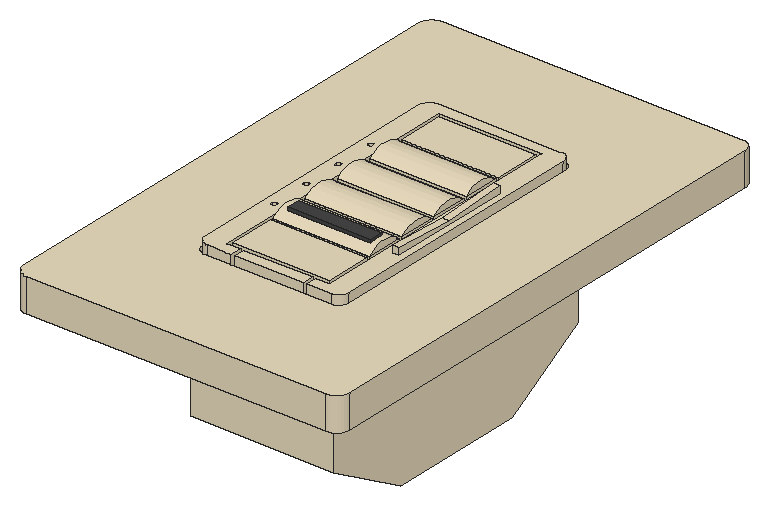
Revit family "Switch-Lutron-EcoSystem_CC-4BRL", category Lighting Devices, host Face, Revit 2017
Family settings
  Host = Face
  Maintain Annotation Orientation = Yes
  Round Connector Dimension = Use Diameter
  Part Type = Switch
  OmniClass Number = 23.85.80.11.27
  OmniClass Title = Lighting Controls
  Cut with Voids When Loaded = No
  Shared = No
  Room Calculation Point = No
Parameters (values of type "CC-4BRL-IV")
  Warranty URL = "http://www.lutron.com/en-US/Service-Support/Pages/Service/Warranty/Warranty.aspx"
  Wallstation Material = Plastic-Lutron-Claro-Ivory-Gloss
  Voltage Comments = "0-20VDC"
  Video Link = "https://www.youtube.com/user/LutronElectronicsInc"
  Version = "2017 - v1.0b"  # constant formula
  Support Phone = "(224) 699-9545"  # constant formula
  Support Email = "mailto: support@anguleris.com"
  Series = "EcoSystem"  # constant formula
  Product Page URL = "http://www.lutron.com/en-US/Products/Pages/Components/EcosystemWallstation/Overview.aspx"
  Product Name = "4 Button Wall Control"
  Product Documentation Link = "http://www.lutron.com/TechnicalDocumentLibrary/EcoSystem_cc4brl.pdf"
  Performance URL = "http://www.lutron.com/en-US/Service-Support/Pages/Technical/PerfomanceSpecs.aspx"
  No Plate [instance] = not(Wall Plate Visibility)  # no
  Manufacturer Phone Number = "610-282-3800"  # constant formula
  Manufacturer Fax Number = "610-282-1243"  # constant formula
  Manufacturer Email = "mailto:support@lutron.com"
  Manufacturer Address = "7200 Suter Rd, Coopersburg, PA 18036"  # constant formula
  Label [instance] = "LC"
  Wall Plate Visibility [instance] = yes
  URL = "http://www.lutron.com"
  Type Comments = ""
  Nominal Width = 0' - 2 241/256"  # constant formula
  Nominal Height = 0' - 4 177/256"  # constant formula
  Nominal Depth = 0' - 1 3/4"  # constant formula
  Model = "CC-4BRL-IV"
  Manufacturer = "Lutron Electronics Co., Inc"  # constant formula
  Keynote = ""
  Instruction Sheet Link = "http://www.lutron.com/TechnicalDocumentLibrary/EcoSystemWallStn.pdf"
  Description = "4 Button Wall Control"
  Default Elevation = 4' - 0"
  Cost Info = "mailto:sales@lutron.com"
  Cost = 0
  Copyright = "© 2019 Lutron Electronics Co., Inc."  # constant formula
  Assembly Code = "D5020120"
Types (2): name | Wallstation Material | Model
  CC-4BRL-WH | Plastic-Lutron-Claro-White-Gloss | "CC-4BRL-WH"
  CC-4BRL-IV | Plastic-Lutron-Claro-Ivory-Gloss | "CC-4BRL-IV"
Reference planes (in)
  plane 1 "Center (Front/Back)": y = 0
  plane 2: z = 0
  plane 3 "Center (Left/Right)": x = 0
  plane 4: y = 2.3457
  plane 5: y = -2.3457
  plane 6: x = 1.4707
  plane 7: x = -1.4707
  plane 8: z = 0.3
  plane 9: x = -0.6582
  plane 10: x = 0.6582
  plane 11: y = 1.32
  plane 12: y = -1.32
  plane 13: z = 0.375
  plane 14: x = -0.55811
  plane 15: z = -1.44
Forms (in)
  Extrusion 1, solid, material "Plastic-Lutron-Claro-Ivory-Gloss" <- "Wallstation Material", visible <- "Wall Plate Visibility"
    sketch origin (0, 0, 0) x (1, 0, 0) y (0, 1, 0)
      loop
        arc (-1.3507, 2.3457) -> (-1.43556, 2.31056) -> (-1.4707, 2.2257) r 0.12
        line (-1.4707, 2.2257) -> (-1.4707, -2.2257)
        arc (-1.4707, -2.2257) -> (-1.43556, -2.31056) -> (-1.3507, -2.3457) r 0.12
        line (-1.3507, -2.3457) -> (1.3507, -2.3457)
        arc (1.3507, -2.3457) -> (1.43556, -2.31056) -> (1.4707, -2.2257) r 0.12
        line (1.4707, -2.2257) -> (1.4707, 2.2257)
        arc (1.4707, 2.2257) -> (1.43556, 2.31056) -> (1.3507, 2.3457) r 0.12
        line (1.3507, 2.3457) -> (-1.3507, 2.3457)
      loop
        arc (-0.5642, 1.32) -> (-0.63067, 1.29247) -> (-0.6582, 1.226) r 0.094
        line (-0.6582, 1.226) -> (-0.6582, -1.226)
        arc (-0.6582, -1.226) -> (-0.63067, -1.29247) -> (-0.5642, -1.32) r 0.094
        line (-0.5642, -1.32) -> (0.5642, -1.32)
        arc (0.5642, -1.32) -> (0.63067, -1.29247) -> (0.6582, -1.226) r 0.094
        line (0.6582, -1.226) -> (0.6582, 1.226)
        arc (0.6582, 1.226) -> (0.63067, 1.29247) -> (0.5642, 1.32) r 0.094
        line (0.5642, 1.32) -> (-0.5642, 1.32)
    from 0 to 0.3
  Extrusion 2, solid, material "Plastic-Lutron-Claro-Ivory-Gloss" <- "Wallstation Material"
    sketch origin (0, 0, 0) x (1, 0, 0) y (0, 1, 0)
      loop
        line (-0.65, 1.206) -> (-0.65, -1.206)
        arc (-0.65, -1.206) -> (-0.62247, -1.27247) -> (-0.556, -1.3) r 0.094
        line (-0.556, -1.3) -> (0.5642, -1.3)
        arc (0.5642, -1.3) -> (0.62487, -1.27487) -> (0.65, -1.2142) r 0.0858
        line (0.65, -1.2142) -> (0.65, 1.206)
        arc (0.65, 1.206) -> (0.62247, 1.27247) -> (0.556, 1.3) r 0.094
        line (0.556, 1.3) -> (-0.556, 1.3)
        arc (-0.556, 1.3) -> (-0.62247, 1.27247) -> (-0.65, 1.206) r 0.094
    from 0 to 0.375
  Extrusion 3, solid, material "Plastic-Lutron-Claro-Ivory-Gloss" <- "Wallstation Material", detail levels fine
    sketch origin (0, 0, 0) x (0, 1, 0) y (0, 0, 1)
      loop
        line (1.375, 0) -> (-1.375, 0) -> (-1.375, -1.00699) -> (-0.625, -1.44) -> (0.625, -1.44) -> (1.375, -1.00699) -> (1.375, 0)
    from -0.64844 to 0.64844
  Extrusion 4, void
    sketch origin (0, 0, 0) x (1, 0, 0) y (0, 1, 0)
      loop
        line (-0.46622, 1.19434) -> (-0.46622, -1.19675) -> (-0.34122, -1.19675) -> (-0.34122, -1.3) -> (-0.30997, -1.3) -> (-0.30997, -1.19675) -> (0.30997, -1.19675) -> (0.30997, -1.3) -> (0.34122, -1.3) -> (0.34122, -1.19675) -> (0.46862, -1.19675) -> (0.46862, 1.19434) -> (-0.46622, 1.19434)
      loop
        line (-0.43497, 1.16309) -> (-0.43497, 0.742) -> (0.43737, 0.742) -> (0.43737, 1.16309) -> (-0.43497, 1.16309)
      loop
        line (0.43737, -1.1655) -> (0.43737, -0.742) -> (-0.43497, -0.742) -> (-0.43497, -1.1655) -> (0.43737, -1.1655)
      loop
        line (-0.43497, 0.37881) -> (0.43737, 0.37881) -> (0.43737, 0.71075) -> (-0.43497, 0.71075) -> (-0.43497, 0.37881)
      loop
        line (-0.43497, 0.34756) -> (-0.43497, 0.01562) -> (0.43737, 0.01562) -> (0.43737, 0.34756) -> (-0.43497, 0.34756)
      loop
        line (-0.43497, -0.01563) -> (-0.43497, -0.34756) -> (0.43737, -0.34756) -> (0.43737, -0.01563) -> (-0.43497, -0.01563)
      loop
        line (-0.43497, -0.37881) -> (-0.43497, -0.71075) -> (0.43737, -0.71075) -> (0.43737, -0.37881) -> (-0.43497, -0.37881)
    from 0.15 to 0.375
  Extrusion 5, solid, material "Plastic-Lutron-Claro-Ivory-Gloss" <- "Wallstation Material"
    sketch origin (0, 0, 0) x (0, 1, 0) y (0, 0, 1)
      loop
        line (-0.56822, 0.375) -> (0.56822, 0.375) -> (0.56822, 0.4375) -> (0, 0.40625) -> (-0.56822, 0.4375) -> (-0.56822, 0.375)
    from 0.52908 to 0.58954
  Extrusion 6, void
    sketch origin (0, 0, 0) x (1, 0, 0) y (0, 1, 0)
      loop
        circle (-0.55811, 0.54478) r 0.02344
      loop
        circle (-0.55811, -0.54478) r 0.02344
      loop
        circle (-0.55811, -0.18159) r 0.02344
      loop
        circle (-0.55811, 0.18159) r 0.02344
    from 0.3 to 0.375
  Extrusion 7, solid, material "Plastic-Lutron-Claro-Ivory-Gloss" <- "Wallstation Material", detail levels fine
    sketch origin (0, 0, 0) x (0, 1, 0) y (0, 0, 1)
      loop
        arc (0.71075, 0.375) -> (0.54478, 0.4375) -> (0.37881, 0.375) r 0.25162
        line (0.37881, 0.375) -> (0.71075, 0.375)
      loop
        arc (-0.01563, 0.375) -> (-0.18159, 0.43751) -> (-0.34756, 0.375) r 0.25159
        line (-0.34756, 0.375) -> (-0.01563, 0.375)
    from -0.43497 to 0.43737
  Extrusion 8, solid, material "Plastic-Lutron-Claro-Ivory-Gloss" <- "Wallstation Material", detail levels fine
    sketch origin (0, -0.36319, 0) x (0, 1, 0) y (0, 0, 1)
      loop
        arc (0.71075, 0.375) -> (0.54478, 0.4375) -> (0.37881, 0.375) r 0.25162
        line (0.37881, 0.375) -> (0.71075, 0.375)
      loop
        arc (-0.01563, 0.375) -> (-0.18159, 0.43751) -> (-0.34756, 0.375) r 0.25159
        line (-0.34756, 0.375) -> (-0.01563, 0.375)
    from -0.43497 to 0.43737
  Extrusion 9, solid, material "Plastic-Lutron-Clear"
    sketch origin (0, 0, 0) x (1, 0, 0) y (0, 1, 0)
      loop
        line (0.37487, -0.62338) -> (0.37487, -0.49838) -> (-0.37513, -0.49838) -> (-0.37513, -0.62338) -> (0.37487, -0.62338)
    from 0.44813 to 0.3
Cuts and joins
  Extrusion 4, Extrusion 6 cuts Extrusion 2
  Extrusion 6 cuts Extrusion 1
  Extrusion 6 cuts Extrusion 3
Lines and regions (in)
  symbolic lines, visible <- "Wall Plate Visibility", detail levels fine
    curve 1: line (-1.4707, -0.675, 0.3) -> (1.4707, -0.675, 0.3)
    curve 2: line (-1.4707, -0.675, 0) -> (-1.4707, -0.675, 0.3)
    curve 3: line (1.4707, -0.675, 0) -> (-1.4707, -0.675, 0)
    curve 4: line (1.4707, -0.675, 0.3) -> (1.4707, -0.675, 0)
  symbolic lines, detail levels fine
    curve 5: line (-0.65, -0.675, 0.375) -> (0.65, -0.675, 0.375)
    curve 6: line (0.65, -0.675, 0.375) -> (0.65, -0.675, 0.3)
    curve 7: line (-0.65, -0.675, 0.375) -> (-0.65, -0.675, 0.3)
    curve 10: line (-0.43497, -0.675, 0.375) -> (-0.43497, -0.675, 0.4375)
    curve 11: line (-0.43497, -0.675, 0.4375) -> (0.43737, -0.675, 0.4375)
    curve 12: line (0.43737, -0.675, 0.4375) -> (0.43737, -0.675, 0.375)
  symbolic lines, visible <- "No Plate", detail levels fine
    curve 8: line (-0.65, -0.675, 0.3) -> (-0.65, -0.675, 0)
    curve 9: line (0.65, -0.675, 0.3) -> (0.65, -0.675, 0)
Dimensions and locks (in)
  equal spacing: plane 7, plane 3 "Center (Left/Right)", plane 6
  "Nominal Width": plane 7 to plane 6
  equal spacing: plane 4, plane 1 "Center (Front/Back)", plane 5
  "Nominal Height": plane 4 to plane 5
  plane 8 to plane 2 = 0' - 0.3"
  equal spacing: plane 9, plane 3 "Center (Left/Right)", plane 10
  locked: plane 9 to plane 10 at 1.31641
  equal spacing: plane 11, plane 1 "Center (Front/Back)", plane 12
  locked: plane 11 to plane 12 at 2.64
  locked: Extrusion 2 sketch curve to Extrusion 2 sketch curve at 1.3
  locked: Extrusion 2 sketch curve to Extrusion 2 sketch curve at 2.6
  equal spacing: Extrusion 2 sketch curve, plane 3 "Center (Left/Right)", Extrusion 2 sketch curve
  equal spacing: Extrusion 2 sketch curve, plane 1 "Center (Front/Back)", Extrusion 2 sketch curve
  locked: Extrusion 3 to Extrusion 3 at 1.29688
  equal spacing: Extrusion 3, plane 3 "Center (Left/Right)", Extrusion 3
  locked: Extrusion 3 sketch curve to Extrusion 3 sketch curve at 2.75
  equal spacing: Extrusion 3 sketch curve, plane 1 "Center (Front/Back)", Extrusion 3 sketch curve
  locked: plane 13 to level at 0.375
  Extrusion 4 sketch curve to Extrusion 4 sketch curve to plane 1 "Center (Front/Back)" to Extrusion 4 sketch curve to Extrusion 4 sketch curve = 0' - 0 1/32" locked, 0' - 1.1655" locked, 0' - 1.16309" locked, 0' - 0 1/32" locked
  locked: plane 13 to Extrusion 5 sketch curve at 0.0625  (x2)
  equal spacing: Extrusion 5 sketch curve, plane 1 "Center (Front/Back)", Extrusion 5 sketch curve
  locked: plane 1 "Center (Front/Back)" to Extrusion 5 sketch curve at 0
  locked: Extrusion 5 sketch curve to Extrusion 5 sketch curve at 1.13644
  locked: plane 13 to Extrusion 5 sketch curve at 0.03125
  equal spacing: cut or joined group of Extrusion 2, Extrusion 4, Extrusion 6, Extrusion 5, Extrusion 5, cut or joined group of Extrusion 2, Extrusion 4, Extrusion 6
  locked: Extrusion 5 to Extrusion 5 at 0.06046
  Extrusion 4 sketch curve to Extrusion 4 sketch curve to Extrusion 4 sketch curve to Extrusion 4 sketch curve to plane 3 "Center (Left/Right)" to Extrusion 4 sketch curve to Extrusion 4 sketch curve to Extrusion 4 sketch curve to Extrusion 4 sketch curve = 0' - 0 1/32" locked, 0' - 0 3/32" locked, 0' - 0 1/32" locked, 0' - 0.30997" locked, 0' - 0.30997" locked, 0' - 0 1/32" locked, 0' - 0.09615" locked, 0' - 0 1/32" locked
  locked: plane 14 to plane 3 "Center (Left/Right)" at 0.55811
  equal spacing: plane 2, cut or joined group of Extrusion 2, Extrusion 4, Extrusion 6, plane 8
  equal spacing: curve 7, plane 3 "Center (Left/Right)", curve 6
  locked: curve 7 to curve 6 at 1.3
  locked: plane 2 to Extrusion 3 sketch curve at 1.00699  (x2)
  locked: plane 2 to plane 15 at 1.44
  Extrusion 4 sketch curve to Extrusion 4 sketch curve to Extrusion 4 sketch curve to Extrusion 4 sketch curve to Extrusion 4 sketch curve to plane 1 "Center (Front/Back)" to Extrusion 4 sketch curve to Extrusion 4 sketch curve to Extrusion 4 sketch curve to Extrusion 4 sketch curve to Extrusion 4 sketch curve = 0' - 0 1/32" locked, 0' - 0.33194" locked, 0' - 0 1/32" locked, 0' - 0.33194" locked, 0' - 0 1/64" locked, 0' - 0 1/64" locked, 0' - 0.33194" locked, 0' - 0 1/32" locked, 0' - 0.33194" locked, 0' - 0 1/32" locked
  plane 14 to Extrusion 6 sketch curve to Extrusion 6 sketch curve to Extrusion 6 sketch curve to Extrusion 6 sketch curve = 0' - 0" locked, 0' - 0" locked, 0' - 0" locked, 0' - 0" locked
  equal spacing: Extrusion 6 sketch curve, Extrusion 6 sketch curve, Extrusion 6 sketch curve, Extrusion 6 sketch curve
  locked: Extrusion 6 sketch curve to plane 1 "Center (Front/Back)" at 0.18159
  plane 13 to Extrusion 7 sketch curve to Extrusion 7 sketch curve = 0' - 0 1/16" locked, 0' - 0" locked
  plane 13 to Extrusion 8 sketch curve to Extrusion 8 sketch curve = 0' - 0 1/16" locked, 0' - 0" locked
  locked: curve 11 to plane 13 at 0.0625
  Extrusion 9 sketch curve to plane 3 "Center (Left/Right)" to Extrusion 9 sketch curve = 0' - 0.37513" locked, 0' - 0.37487" locked
  Extrusion 9 sketch curve to Extrusion 9 sketch curve to plane 1 "Center (Front/Back)" = 0' - 0 1/8" locked, 0' - 0.49838" locked
  locked: Extrusion 9 to plane 15 at 1.88813
  locked: plane 15 to cut or joined group of Extrusion 2, Extrusion 4, Extrusion 6 at 1.59
  radius of Extrusion 1 sketch curve = 0' - 0.094"  (x4)
  radius of Extrusion 1 sketch curve = 0' - 0.12"  (x4)
  radius of Extrusion 2 sketch curve = 0' - 0.094"  (x3)
  radius of Extrusion 2 sketch curve = 0' - 0.0858"
  radius of Extrusion 7 sketch curve = 0' - 0.25162"
  radius of Extrusion 7 sketch curve = 0' - 0.25159"
  locked: Extrusion 3 sketch curve to Extrusion 3 sketch curve (angle 30.00°)  (x2)
  aligned and locked: plane 2 to host face
  aligned and locked: level to host face
  aligned and locked: plane 7 to Extrusion 1 sketch curve
  aligned and locked: Extrusion 1 sketch curve to plane 6
  aligned and locked: Extrusion 1 sketch curve to plane 4
  aligned and locked: plane 5 to Extrusion 1 sketch curve
  aligned and locked: Extrusion 1 to plane 2
  aligned and locked: Extrusion 1 to plane 8
  aligned and locked: Extrusion 1 sketch curve to plane 11
  aligned and locked: plane 12 to Extrusion 1 sketch curve
  aligned and locked: Extrusion 1 sketch curve to plane 9
  aligned and locked: plane 10 to Extrusion 1 sketch curve
  aligned and locked: Extrusion 2 to plane 13
  aligned: plane 8 to Extrusion 4
  aligned and locked: Extrusion 4 to plane 13
  aligned and locked: cut or joined group of Extrusion 2, Extrusion 4, Extrusion 6 to Extrusion 4 sketch curve  (x2)
  aligned and locked: Extrusion 4 sketch curve to Extrusion 4 sketch curve  (x2)
  aligned and locked: Extrusion 5 sketch curve to plane 13
  aligned: nested 1 to plane 1 "Center (Front/Back)"  (x3)
  aligned: nested 1 to plane 3 "Center (Left/Right)"  (x2)
  aligned and locked: plane 1 "Center (Front/Back)" to nested 1
  aligned and locked: plane 3 "Center (Left/Right)" to nested 1
  aligned and locked: cut or joined group of Extrusion 2, Extrusion 4, Extrusion 6 to plane 2
  aligned and locked: plane 8 to Extrusion 6
  aligned and locked: Extrusion 6 to plane 13
  aligned and locked: plane 2 to cut or joined group of Extrusion 3, Extrusion 6
  aligned and locked: plane 7 to curve 2
  aligned and locked: curve 4 to plane 6
  aligned and locked: cut or joined group of Extrusion 1, Extrusion 6 to plane 8
  aligned and locked: plane 2 to curve 3
  aligned and locked: plane 8 to curve 1
  aligned and locked: plane 13 to curve 5
  aligned and locked: plane 15 to Extrusion 3 sketch curve
  aligned and locked: curve 7 to curve 8
  aligned and locked: curve 6 to curve 9
  aligned and locked: plane 13 to Extrusion 7 sketch curve  (x2)
  aligned and locked: cut or joined group of Extrusion 2, Extrusion 4, Extrusion 6 to Extrusion 7
  aligned and locked: Extrusion 7 to cut or joined group of Extrusion 2, Extrusion 4, Extrusion 6
  aligned and locked: plane 13 to Extrusion 8 sketch curve  (x2)
  aligned and locked: cut or joined group of Extrusion 2, Extrusion 4, Extrusion 6 to Extrusion 8 sketch curve  (x4)
  aligned and locked: cut or joined group of Extrusion 2, Extrusion 4, Extrusion 6 to Extrusion 7 sketch curve  (x4)
  aligned and locked: Extrusion 8 to cut or joined group of Extrusion 2, Extrusion 4, Extrusion 6
  aligned and locked: cut or joined group of Extrusion 2, Extrusion 4, Extrusion 6 to Extrusion 8
  aligned and locked: cut or joined group of Extrusion 2, Extrusion 4, Extrusion 6 to curve 10
  aligned and locked: curve 12 to cut or joined group of Extrusion 2, Extrusion 4, Extrusion 6
  aligned: plane 13 to Extrusion 9
  aligned and locked: plane 8 to Extrusion 9
Automatic sketch dimensions
  host sketch curve to host sketch curve = 8' - 0"  (x2)
  level to Extrusion 3 sketch curve = 0' - 0"
  Extrusion 4 sketch curve to Extrusion 4 sketch curve = 0' - 0"  (x7)
  Extrusion 4 sketch curve to Extrusion 4 sketch curve = 0' - 0 1/32"
  plane 3 "Center (Left/Right)" to Extrusion 4 sketch curve = 0' - 0.43737"  (x2)
  Extrusion 6 sketch curve to Extrusion 6 sketch curve = 0' - 0.36319"
  radius of Extrusion 6 sketch curve = 0' - 0 3/128"  (x4)
Nested families (in)
  nested 1: "Lighting Dimmer Switch Annotation" at (0, 0, 0), type "Lighting Dimmer Switch Annotation", detail levels coarse+medium
Connectors (in)
  electrical at (0, 1.375, -0.50349)
    settings: on cut or joined group of Extrusion 3, Extrusion 6, index 1, voltage 120 V, apparent load 0 VA, apparent load phase1 0 VA, apparent load phase2 0 VA, apparent load phase3 0 VA, power factor 1, load classification "Other", number of poles 1, system type 13, power factor state 1, is connector primary yes, connector utility no, sub classification motor no, connector description "Lighting Control Connection"
Definition of nested family "Lighting Dimmer Switch Annotation"
  Parameters
    Label = "D"
  Reference planes (in)
    plane 1: y = 0
    plane 2: x = 0
  Lines and regions (in)
    detail lines
      curve 1: line (0, 0.125, 0) -> (0, 0, 0)
      curve 3: arc (0.01506, 0.11153, 0) -> (-0.02442, 0.09683, 0) -> (0, 0.0625, 0) r 0.02655
      curve 4: arc (0, 0.0625, 0) -> (0.01543, 0.02147, 0) -> (-0.02827, 0.02483, 0) r 0.02599
    reference lines
      curve 2: line (0, 0.0625, 0) -> (-0.11983, 0.0625, 0)
      curve 5: line (0.10095, -0.04722, 0) -> (0.10095, 0.09386, 0)
      curve 6: line (0.10095, -0.04722, 0) -> (0.28349, -0.04722, 0)
      curve 7: line (0.10095, 0.04579, 0) -> (0.31014, 0.04579, 0)
  Text (in)
    label "2" at (0.07355, 0.12997, 0), shows "Label"
  Dimensions and locks (in)
    locked: curve 6 to curve 7 at 0.09301
    locked: curve 1 to curve 5 at 0.10095
    locked: curve 1 to curve 1 at 0.125
    locked: plane 1 to curve 2 at 0.0625
    aligned and locked: curve 1 to curve 2
    aligned and locked: curve 3 to curve 2
    aligned and locked: curve 4 to curve 2
    aligned and locked: plane 1 to curve 1
    aligned and locked: curve 1 to plane 2
    aligned and locked: plane 2 to curve 1
